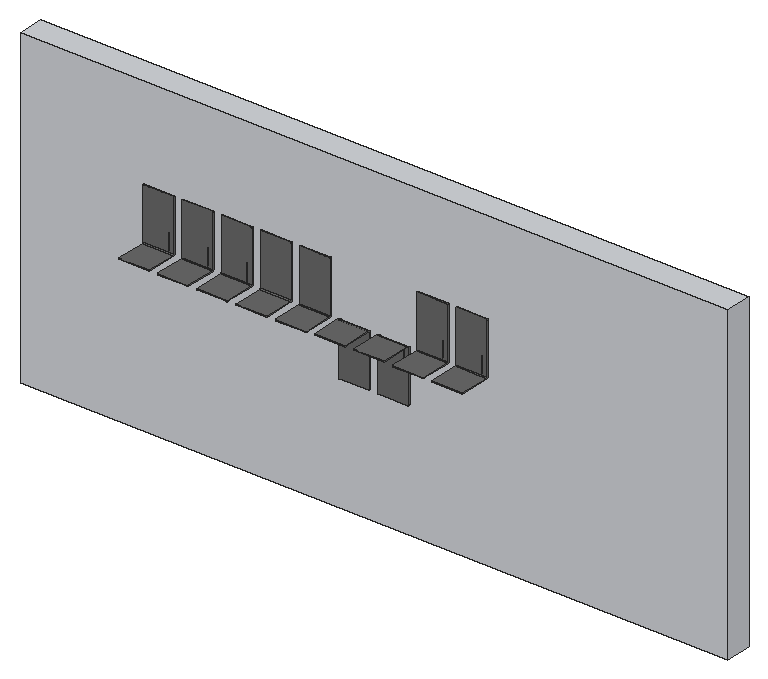
Revit family "REVIT-MG-1041-Baldas-", category Furniture, Revit 2016
Family settings
  OmniClass Number = 23.40.20.00
  OmniClass Title = General Furniture and Specialties
  Work Plane-Based = No
  Always vertical = Yes
  Cut with Voids When Loaded = No
  Shared = No
  Room Calculation Point = No
Parameters (values of type "MG-1041")
  URL = "www.magnusongroup.com"
  Type Comments = "Stand Alone"  # constant formula
  Salvage or Reuse = yes
  Percentage of Recycled Content = 0
  Model = "MG-1041"
  Manufacturer = "Magnuson Group"  # constant formula
  Low Emitting Material = yes
  Low Emitting Finish = yes
  Revit File Built By = "https://servex-us.com/servex-revit/"
  Description = "Baldas"
Reference planes (in)
  plane 1 "Center Front/Back": y = 0
  plane 2: z = 0
  plane 3 "Center Left/Right": x = 0
Forms (in)
  Extrusion 1, solid
    sketch origin (0, 0, 0) x (1, 0, 0) y (0, 1, 0)
      loop
        line (-39.54857, 0) -> (123, 0) -> (123, 6) -> (-39.54857, 6) -> (-39.54857, 0)
    from 0 to 72
Dimensions and locks (in)
  equal spacing: nested 2, nested 3, nested 4, nested 5, nested 6, nested 1, nested 7, nested 8, nested 9
  nested 2 to nested 3 = 9"
  aligned and locked: level to plane 2
  aligned and locked: plane 1 "Center Front/Back" to Extrusion 1 sketch curve
Automatic sketch dimensions
  Extrusion 1 sketch curve to plane 1 "Center Front/Back" = 6"
  Extrusion 1 sketch curve to plane 3 "Center Left/Right" = 39.54857"
  plane 3 "Center Left/Right" to Extrusion 1 sketch curve = 123"
Nested families (in)
  nested 1: "Magnuson-Baldas-Shelf_R" at (37.5625, 0, 33) x (1, 0, 0) z (0, -1, 0), type "BALDAS-R"
  nested 2: "Magnuson-Baldas-Shelf_S" at (-7.4375, 0, 44.91802) x (1, 0, 0) z (0, -1, 0), type "BALDAS-S"
  nested 3: "Magnuson-Baldas-Shelf_S" at (1.5625, 0, 44.91802) x (1, 0, 0) z (0, -1, 0), type "BALDAS-S"
  nested 4: "Magnuson-Baldas-Shelf_S" at (10.5625, 0, 44.91802) x (1, 0, 0) z (0, -1, 0), type "BALDAS-S"
  nested 5: "Magnuson-Baldas-Shelf_S" at (19.5625, 0, 44.91802) x (1, 0, 0) z (0, -1, 0), type "BALDAS-S"
  nested 6: "Magnuson-Baldas-Shelf_S" at (28.5625, 0, 44.91802) x (1, 0, 0) z (0, -1, 0), type "BALDAS-S"
  nested 7: "Magnuson-Baldas-Shelf_R" at (46.5625, 0, 33) x (1, 0, 0) z (0, -1, 0), type "BALDAS-R"
  nested 8: "Magnuson-Baldas-Shelf_S" at (55.5625, 0, 44.91802) x (1, 0, 0) z (0, -1, 0), type "BALDAS-S"
  nested 9: "Magnuson-Baldas-Shelf_S" at (64.5625, 0, 44.91802) x (1, 0, 0) z (0, -1, 0), type "BALDAS-S"
Definition of nested family "Magnuson-Baldas-Shelf_R"
  Parameters (values of type "BALDAS-R")
    Width = 7 1/8"
    URL = "www.magnusongroup.com"
    Type Comments = "Baldas"  # constant formula
    Support Finish = none
    Shelve Finish = none
    Salvage or Reuse = yes
    Percentage of Recycled Content = 0
    Model = "BALDAS-R"
    Manufacturer = "MAGNUSON"  # constant formula
    Low Emitting Material = yes
    Low Emitting Finish = yes
    Keynote = "12500"
    Height = 12 1/4"
    Description = "Wall Mounted Shelf Comes with 1 Wall Mounting Bracket"
    Depth = 7 1/2"
    Default Elevation = 48"
    Assembly Code = "E2020200"
  Reference planes (in)
    plane 1 "Center (Front/Back)": y = 0
    plane 2: z = 0
    plane 3 "Center (Left/Right)": x = 0
    plane 4: y = -6.125
    plane 5: y = 6.125
    plane 6: x = 3.5625
    plane 7: x = -3.5625
    plane 8: z = 7.5
    plane 9: z = 0.29527
  Forms (in)
    Extrusion 1, solid
      sketch origin (0, 0, 0) x (1, 0, 0) y (0, 1, 0)
        loop
          line (-8.4375, 18) -> (-8.4375, -13.38944) -> (8.38605, -13.38944) -> (8.38605, 18) -> (-8.4375, 18)
      from 0 to -12
    Extrusion 2, solid, material <- "Shelve Finish"
      sketch origin (0, 0, 0) x (0, -1, 0) y (0, 0, -1)
        loop
          line (5.8063, -0.29527) -> (-5.8125, -0.29527)
          arc (-5.8125, -0.29527) -> (-6.03347, -0.3868) -> (-6.125, -0.60777) r 0.3125
          line (-6.125, -0.60777) -> (-6.125, -6.66544) -> (-6, -6.66544) -> (-6, -0.60777)
          arc (-6, -0.60777) -> (-5.94508, -0.47519) -> (-5.8125, -0.42027) r 0.1875
          line (-5.8125, -0.42027) -> (5.8063, -0.42027) -> (5.8063, -0.29527)
      from -3.5625 to 3.5625
    Extrusion 3, solid, material <- "Shelve Finish"
      sketch origin (0, 0, 0) x (1, 0, 0) y (0, 1, 0)
        loop
          line (-3.375, -6.125) -> (3.375, -6.125)
          arc (3.375, -6.125) -> (3.50758, -6.07008) -> (3.5625, -5.9375) r 0.1875
          line (3.5625, -5.9375) -> (3.5625, -5.8063) -> (-3.5625, -5.8063) -> (-3.5625, -5.9375)
          arc (-3.5625, -5.9375) -> (-3.50758, -6.07008) -> (-3.375, -6.125) r 0.1875
      from 0.29527 to 0.42027
    Extrusion 4, solid, material <- "Shelve Finish"
      sketch origin (0, 0, 0) x (1, 0, 0) y (0, 0, -1)
        loop
          line (-3.40457, -7.5) -> (3.40625, -7.5)
          arc (3.40625, -7.5) -> (3.51674, -7.45424) -> (3.5625, -7.34375) r 0.15625
          line (3.5625, -7.34375) -> (3.5625, -6.66544) -> (-3.5625, -6.66544) -> (-3.5625, -7.34207)
          arc (-3.5625, -7.34207) -> (-3.51624, -7.45374) -> (-3.40457, -7.5) r 0.15793
      from 6 to 6.125
    Extrusion 5, solid, material <- "Support Finish"
      sketch origin (0, 0, 0) x (1, 0, 0) y (0, 1, 0)
        loop
          line (-2.28346, 5.61319) -> (-2.28346, 1.57777) -> (2.28346, 1.57777) -> (2.28346, 5.61319) -> (-2.28346, 5.61319)
      from 0 to 0.29527
  Cuts and joins
    joined: Extrusion 2, Extrusion 3, Extrusion 4
  Lines and regions (in)
    symbolic lines
      curve 1: line (3.5625, 0, 0.29527) -> (3.5625, 0, 7.34375)
      curve 2: line (3.40625, 0, 7.5) -> (-3.40457, 0, 7.5)
      curve 3: arc (3.40625, 0, 7.5) -> (3.51674, 0, 7.45424) -> (3.5625, 0, 7.34375) r 0.15625
      curve 4: arc (-3.5625, 0, 7.34207) -> (-3.51624, 0, 7.45374) -> (-3.40457, 0, 7.5) r 0.15793
      curve 5: line (-3.5625, 0, 7.34207) -> (-3.5625, 0, 0.29527)
      curve 6: line (3.5625, 0, 0.29527) -> (3.5625, 0, 7.34375)
      curve 7: line (-3.5625, 0, 0.29527) -> (3.5625, 0, 0.29527)
      curve 8: line (2.28346, 0, 0) -> (2.28346, 0, 0.29527)
      curve 9: line (-2.28346, 0, 0.29527) -> (-2.28346, 0, 0)
      curve 10: line (2.28346, 0, 0) -> (-2.28346, 0, 0)
  Dimensions and locks (in)
    equal spacing: plane 7, plane 3 "Center (Left/Right)", plane 6
    "Width": plane 7 to plane 6
    "Height": plane 5 to plane 4
    equal spacing: plane 5, plane 1 "Center (Front/Back)", plane 4
    "Depth": plane 8 to Extrusion 1
    aligned and locked: plane 2 to Extrusion 1
    aligned and locked: level to Extrusion 1
    aligned and locked: Extrusion 5 to plane 2
    aligned and locked: plane 9 to Extrusion 5
    aligned and locked: curve 3 to cut or joined group of Extrusion 2, Extrusion 3, Extrusion 4
    aligned and locked: curve 4 to cut or joined group of Extrusion 2, Extrusion 3, Extrusion 4
    aligned and locked: curve 6 to cut or joined group of Extrusion 2, Extrusion 3, Extrusion 4
    aligned and locked: curve 7 to cut or joined group of Extrusion 2, Extrusion 3, Extrusion 4
    aligned and locked: curve 8 to Extrusion 5
    aligned and locked: curve 9 to Extrusion 5
  Automatic sketch dimensions
    Extrusion 1 sketch curve to Extrusion 1 sketch curve = 16.82355"
    Extrusion 1 sketch curve to Extrusion 1 sketch curve = 31.38944"
    Extrusion 2 sketch curve to Extrusion 2 sketch curve = 0"  (x2)
    plane 4 to Extrusion 2 sketch curve = 12 1/4"
    Extrusion 2 sketch curve to Extrusion 2 sketch curve = 1/8"
    Extrusion 2 sketch curve to Extrusion 2 sketch curve = 3/16"
    Extrusion 2 sketch curve to Extrusion 2 sketch curve = 11.6188"
    Extrusion 2 sketch curve to plane 8 = 0.83456"
    Extrusion 2 sketch curve to Extrusion 2 sketch curve = 6.05766"
    Extrusion 3 sketch curve to plane 7 = 0"
    Extrusion 3 sketch curve to plane 6 = 0"
    Extrusion 3 sketch curve to plane 7 = 3/16"
    plane 6 to Extrusion 3 sketch curve = 3/16"
    Extrusion 3 sketch curve to plane 4 = 0"
    Extrusion 3 sketch curve to Extrusion 3 sketch curve = 0.1312"
    plane 7 to Extrusion 4 sketch curve = 0"
    plane 6 to Extrusion 4 sketch curve = 0"
    Extrusion 4 sketch curve to plane 7 = 0.15793"
    plane 6 to Extrusion 4 sketch curve = 5/32"
    plane 8 to Extrusion 4 sketch curve = 0"
    Extrusion 4 sketch curve to Extrusion 4 sketch curve = 0.67831"
    plane 4 to Extrusion 5 sketch curve = 7.70277"
    plane 6 to Extrusion 5 sketch curve = 5.84596"
    Extrusion 5 sketch curve to Extrusion 5 sketch curve = 4.56692"
    plane 4 to Extrusion 5 sketch curve = 11.73819"
    curve 10 to level = 0"
Definition of nested family "Magnuson-Baldas-Shelf_S"
  Parameters (values of type "BALDAS-S")
    Width = 7 1/8"
    URL = "www.magnusongroup.com"
    Type Comments = "Baldas"  # constant formula
    Support Finish = none
    Shelve Finish = none
    Salvage or Reuse = yes
    Percentage of Recycled Content = 0
    Model = "BALDAS-S"
    Manufacturer = "MAGNUSON"  # constant formula
    Low Emitting Material = yes
    Low Emitting Finish = yes
    Keynote = "12500"
    Height = 12 1/4"
    Description = "Wall Mounted Shelf Comes with 1 Wall Mounting Bracket"
    Depth = 7 1/2"
    Default Elevation = 48"
    Assembly Code = "E2020200"
  Reference planes (in)
    plane 1 "Center (Front/Back)": y = 0
    plane 2: z = 0
    plane 3 "Center (Left/Right)": x = 0
    plane 4: y = -6.125
    plane 5: y = 6.125
    plane 6: x = 3.5625
    plane 7: x = -3.5625
    plane 8: z = 7.5
    plane 9: z = 0.29527
  Forms (in)
    Extrusion 1, solid
      sketch origin (0, 0, 0) x (1, 0, 0) y (0, 1, 0)
        loop
          line (-8.4375, 18) -> (-8.4375, -13.38944) -> (8.38605, -13.38944) -> (8.38605, 18) -> (-8.4375, 18)
      from 0 to -12
    Extrusion 2, solid, material <- "Shelve Finish"
      sketch origin (0, 0, 0) x (0, 1, 0) y (0, 0, 1)
        loop
          line (5.8063, 0.29527) -> (5.8063, 0.42027) -> (-5.8125, 0.42027)
          arc (-5.8125, 0.42027) -> (-5.94508, 0.47519) -> (-6, 0.60777) r 0.1875
          line (-6, 0.60777) -> (-6, 6.66544) -> (-6.125, 6.66544) -> (-6.125, 0.60777)
          arc (-6.125, 0.60777) -> (-6.03347, 0.3868) -> (-5.8125, 0.29527) r 0.3125
          line (-5.8125, 0.29527) -> (5.8063, 0.29527)
      from -3.5625 to 3.5625
    Extrusion 3, solid, material <- "Shelve Finish"
      sketch origin (0, 0, 0) x (1, 0, 0) y (0, 1, 0)
        loop
          arc (-3.375, 6.125) -> (-3.50758, 6.07008) -> (-3.5625, 5.9375) r 0.1875
          line (-3.5625, 5.9375) -> (-3.5625, 5.8063) -> (3.5625, 5.8063) -> (3.5625, 5.9375)
          arc (3.5625, 5.9375) -> (3.50758, 6.07008) -> (3.375, 6.125) r 0.1875
          line (3.375, 6.125) -> (-3.375, 6.125)
      from 0.29527 to 0.42027
    Extrusion 4, solid, material <- "Shelve Finish"
      sketch origin (0, 0, 0) x (1, 0, 0) y (0, 0, 1)
        loop
          arc (-3.40457, 7.5) -> (-3.51624, 7.45374) -> (-3.5625, 7.34207) r 0.15793
          line (-3.5625, 7.34207) -> (-3.5625, 6.66544) -> (3.5625, 6.66544) -> (3.5625, 7.34375)
          arc (3.5625, 7.34375) -> (3.51674, 7.45424) -> (3.40625, 7.5) r 0.15625
          line (3.40625, 7.5) -> (-3.40457, 7.5)
      from 6 to 6.125
    Extrusion 5, solid, material <- "Support Finish"
      sketch origin (0, 0, 0) x (1, 0, 0) y (0, 1, 0)
        loop
          line (-2.28346, -1.57778) -> (-2.28346, -5.61321) -> (2.28346, -5.61321) -> (2.28346, -1.57778) -> (-2.28346, -1.57778)
      from 0 to 0.29527
  Cuts and joins
    joined: Extrusion 2, Extrusion 3, Extrusion 4
  Lines and regions (in)
    symbolic lines
      curve 1: line (3.5625, 0, 0.29527) -> (3.5625, 0, 7.34375)
      curve 2: arc (3.5625, 0, 7.34375) -> (3.51674, 0, 7.45424) -> (3.40625, 0, 7.5) r 0.15625
      curve 3: line (3.40625, 0, 7.5) -> (-3.40457, 0, 7.5)
      curve 4: arc (-3.40457, 0, 7.5) -> (-3.51624, 0, 7.45374) -> (-3.5625, 0, 7.34207) r 0.15793
      curve 5: line (-3.5625, 0, 7.34207) -> (-3.5625, 0, 0.29527)
      curve 6: line (-3.5625, 0, 0.29527) -> (3.5625, 0, 0.29527)
      curve 7: line (3.5625, 0, 0.42027) -> (-3.5625, 0, 0.42027)
      curve 8: line (2.28346, 0, 0) -> (2.28346, 0, 0.29527)
      curve 9: line (-2.28346, 0, 0.29527) -> (-2.28346, 0, 0)
      curve 10: line (2.28346, 0, 0) -> (-2.28346, 0, 0)
  Dimensions and locks (in)
    equal spacing: plane 7, plane 3 "Center (Left/Right)", plane 6
    "Width": plane 7 to plane 6
    "Height": plane 5 to plane 4
    equal spacing: plane 5, plane 1 "Center (Front/Back)", plane 4
    "Depth": plane 8 to Extrusion 1
    aligned and locked: plane 2 to Extrusion 1
    aligned and locked: level to Extrusion 1
    aligned and locked: plane 7 to Extrusion 2
    aligned and locked: Extrusion 2 to plane 6
    aligned and locked: curve 1 to cut or joined group of Extrusion 2, Extrusion 3, Extrusion 4
    aligned and locked: curve 2 to cut or joined group of Extrusion 2, Extrusion 3, Extrusion 4
    aligned and locked: curve 4 to cut or joined group of Extrusion 2, Extrusion 3, Extrusion 4
    aligned and locked: curve 6 to cut or joined group of Extrusion 2, Extrusion 3, Extrusion 4
    aligned and locked: curve 7 to cut or joined group of Extrusion 2, Extrusion 3, Extrusion 4
    aligned and locked: Extrusion 5 to plane 2
    aligned and locked: plane 9 to Extrusion 5
    aligned and locked: curve 8 to Extrusion 5
    aligned and locked: curve 9 to Extrusion 5
    aligned and locked: curve 10 to Extrusion 5
  Automatic sketch dimensions
    Extrusion 1 sketch curve to Extrusion 1 sketch curve = 16.82355"
    Extrusion 1 sketch curve to Extrusion 1 sketch curve = 31.38944"
    Extrusion 2 sketch curve to Extrusion 2 sketch curve = 0"  (x2)
    Extrusion 2 sketch curve to plane 4 = 0"
    Extrusion 2 sketch curve to plane 9 = 0"
    plane 4 to Extrusion 2 sketch curve = 1/8"
    Extrusion 2 sketch curve to Extrusion 2 sketch curve = 3/16"
    Extrusion 2 sketch curve to plane 5 = 0.3187"
    Extrusion 2 sketch curve to plane 8 = 0.83456"
    Extrusion 3 sketch curve to plane 7 = 0"
    Extrusion 3 sketch curve to plane 5 = 0"
    Extrusion 3 sketch curve to plane 6 = 0"
    Extrusion 3 sketch curve to plane 7 = 3/16"
    Extrusion 3 sketch curve to Extrusion 3 sketch curve = 3/16"
    Extrusion 3 sketch curve to Extrusion 3 sketch curve = 0.1312"
    plane 7 to Extrusion 4 sketch curve = 0"
    Extrusion 4 sketch curve to plane 8 = 0"
    plane 6 to Extrusion 4 sketch curve = 0"
    Extrusion 4 sketch curve to plane 7 = 0.15793"
    plane 6 to Extrusion 4 sketch curve = 5/32"
    Extrusion 4 sketch curve to Extrusion 4 sketch curve = 0.67831"
    plane 4 to Extrusion 5 sketch curve = 0.51179"
    plane 6 to Extrusion 5 sketch curve = 5.84596"
    Extrusion 5 sketch curve to Extrusion 5 sketch curve = 4.56692"
    Extrusion 5 sketch curve to Extrusion 5 sketch curve = 4.03542"
